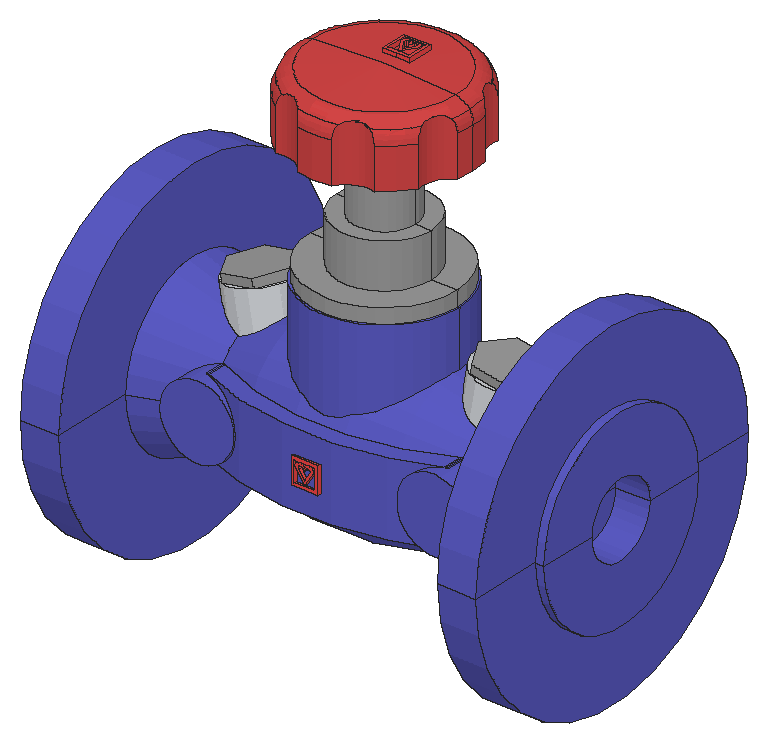
Revit family "Запорный клапан 4218 AGF", category Rohrzubehör, Revit 2019
Family settings
  Bemaßung runder Anschluss = Durchmesser verwenden
  Teiletyp = Unterbricht
  Arbeitsebenenbasiert = Nein
  Immer vertikal = Ja
  Beim Laden mit Abzugskörper schneiden = Nein
  Gemeinsam genutzt = Nein
Parameters
  w = 10.00°  # constant formula
  PN = 16  # constant formula
  Макс. рабочая температура до DN32 = 130 °C  # constant formula
  Макс. рабочая температура с DN40 = 110 °C  # constant formula
  Макс. рабочее давление = 1600000.0 Pa  # constant formula
  m2 [instance] = size_lookup("4218_AGF", "m2", 22.00 mm, Nennweite)  # 11.00 mm
  m1 [instance] = 27.59 mm  # constant formula
  d1 [instance] = size_lookup("4218_AGF", "d1", 25.00 mm, Nennweite)  # 25.00 mm
  Букса для клапана = "Латунь"  # constant formula
  Корпус = "Серый чугун GJL 250 в соответствии с EN 1561"  # constant formula
  URL = "www.herz-armaturen.ru"
  SCRNSEQ = "ARM;ARM_TYP=\"ABSV\";2"
  SCRNCODE = "05;11;2"  # constant formula
  R05 [instance] = size_lookup("4218_AGF", "R05", 45.00 mm, Nennweite)  # 45.00 mm
  R04 [instance] = size_lookup("4218_AGF", "R04", 25.50 mm, Nennweite)  # 25.50 mm
  R03 [instance] = size_lookup("4218_AGF", "R03", 30.00 mm, Nennweite)  # 30.00 mm
  R02 [instance] = size_lookup("4218_AGF", "R02", 21.15 mm, Nennweite)  # 21.15 mm
  R01 [instance] = size_lookup("4218_AGF", "R01", 29.50 mm, Nennweite)  # 29.50 mm
  O-Ringe = "EPDM"  # constant formula
  Nennweite [instance] = 25.00 mm
  Среда = "Качество теплоносителя в соответствии с ÖNORM H5195 и/или предписаниями VDI 2035.\r\nРазрешается использование смеси этилен или пропиленгликоля в соотношении 25-50% с водой."
  Lk [instance] = size_lookup("4218_AGF", "Lk", 32.50 mm, Nennweite)  # 32.50 mm
  L05 [instance] = 34.16 mm  # constant formula
  L04 [instance] = size_lookup("4218_AGF", "L04", 40.00 mm, Nennweite)  # 40.00 mm
  L03 [instance] = size_lookup("4218_AGF", "L03", 42.00 mm, Nennweite)  # 42.00 mm
  L02 [instance] = size_lookup("4218_AGF", "L02", 3.00 mm, Nennweite)  # 3.00 mm
  L01 [instance] = size_lookup("4218_AGF", "L01", 13.00 mm, Nennweite)  # 13.00 mm
  L [instance] = size_lookup("4218_AGF", "L", 160.00 mm, Nennweite)  # 160.00 mm
  Hersteller = "HERZ-Armaturen Ges.m.b.H"  # constant formula
  Dfl [instance] = size_lookup("4218_AGF", "Dfl", 57.50 mm, Nennweite)  # 57.50 mm
  DN80 [instance] = Nennweite = 80.00 mm  # no
  DN65-80 [instance] = or(Nennweite = 65.00 mm, Nennweite = 80.00 mm)  # no
  DN65 [instance] = Nennweite = 65.00 mm  # no
  DN50-80 [instance] = or(Nennweite = 50.00 mm, Nennweite = 65.00 mm, Nennweite = 80.00 mm)  # no
  DN50 [instance] = Nennweite = 50.00 mm  # no
  DN40 [instance] = Nennweite = 40.00 mm  # no
  DN32 [instance] = Nennweite = 32.00 mm  # no
  DN32-40 [instance] = or(Nennweite = 32.00 mm, Nennweite = 40.00 mm)  # no
  DN25-40 [instance] = or(Nennweite = 25.00 mm, Nennweite = 32.00 mm, Nennweite = 40.00 mm)  # yes
  DN25 [instance] = Nennweite = 25.00 mm  # yes
  D [instance] = size_lookup("4218_AGF", "D", 12.50 mm, Nennweite)  # 12.50 mm
  Номер заказа [instance] = size_lookup("4218_AGF", "Artnr", 0, Nennweite)  # 1421853
  B [instance] = size_lookup("4218_AGF", "B", 58.00 mm, Nennweite)  # 58.00 mm
  Область применения = "Для гидравлической балансировки в системах отопления или холодоснабжения, регулирования и перекрытия трубопроводов, стояков, теплообменников, регистров отопления и охлаждения."
Reference planes
  plane 1 "Mitte (Vorne/hinten)": y = 0
  plane 2: z = 0
  plane 3 "Mitte (Links/rechts)": x = 0
Forms (mm)
  Revolve 1, solid, material "Herz-Marineblau", detail levels fine
    sketch origin (1065, 0, 0) x (1, 0, 0) y (0, 1, 0)
      loop
        line (-1142, 57.5) -> (-1142, 32.5) -> (-1145, 32.5) -> (-1145, 12.5) -> (-1135, 12.5) -> (-1135, 0) -> (-997, 0) -> (-997, 12.5) -> (-985, 12.5) -> (-985, 32.5) -> (-988, 32.5) -> (-988, 57.5) -> (-1001, 57.5) -> (-1001, 29.5) -> (-1024.25, 21.15)
        arc (-1024.25, 21.15) -> (-1065, 30) -> (-1105.75, 21.15) r 98.242
        line (-1105.75, 21.15) -> (-1129, 29.5) -> (-1129, 57.5) -> (-1142, 57.5)
      axis (-985, 0) -> (-1145, 0)
    angle from 0 to 360
  Extrusion 2, solid, material "Herz-Marineblau", visible <- "DN25", detail levels fine
    sketch origin (0, 0, 0) x (1, 0, 0) y (0, 1, 0)
      loop
        arc (-40.75, -24.228) -> (0.085, -32.958) -> (40.917, -24.217) r 99.801
        line (40.917, -24.217) -> (40.917, 24.217)
        arc (40.917, 24.217) -> (0.085, 32.958) -> (-40.75, 24.228) r 99.801
        line (-40.75, 24.228) -> (-40.75, -24.228)
    from -12.5 to 12.5
  Extrusion 3, solid, material "Herz-Marineblau"
    sketch origin (0, 0, 0) x (1, 0, 0) y (0, 0, 1)
      loop
        circle (-40, 0) r 12.5
      loop
        circle (40, 0) r 12.5
    from -29 to 29
  Revolve 4, solid, visible <- "DN25"
    sketch origin (0, 0, 0) x (1, 0, 0) y (0, 0, 1)
      loop
        line (-42.018, 32) -> (-37.406, 5.845) -> (-26.573, 7.755) -> (-31.185, 33.91) -> (-42.018, 32)
      axis (-42.018, 32) -> (-37.406, 5.845)
    angle from 0 to 360
  Revolve 5, solid, visible <- "DN25"
    sketch origin (0, 0, 0) x (-1, 0, 0) y (0, 0, 1)
      loop
        line (-42.018, 32) -> (-37.406, 5.845) -> (-26.573, 7.755) -> (-31.185, 33.91) -> (-42.018, 32)
      axis (-42.018, 32) -> (-37.406, 5.845)
    angle from 0 to 360
  Revolve 6, solid, visible <- "DN32"
    sketch origin (-6, 0, 0) x (1, 0, 0) y (0, 0, 1)
      loop
        line (-42.018, 32) -> (-37.406, 5.845) -> (-26.573, 7.755) -> (-31.185, 33.91) -> (-42.018, 32)
      axis (-42.018, 32) -> (-37.406, 5.845)
    angle from 0 to 360
  Revolve 7, solid, visible <- "DN32"
    sketch origin (6, 0, 0) x (-1, 0, 0) y (0, 0, 1)
      loop
        line (-42.018, 32) -> (-37.406, 5.845) -> (-26.573, 7.755) -> (-31.185, 33.91) -> (-42.018, 32)
      axis (-42.018, 32) -> (-37.406, 5.845)
    angle from 0 to 360
  Revolve 8, solid, visible <- "DN40"
    sketch origin (-10, 0, 6) x (1, 0, 0) y (0, 0, 1)
      loop
        line (-42.018, 32) -> (-37.406, 5.845) -> (-26.573, 7.755) -> (-31.185, 33.91) -> (-42.018, 32)
      axis (-42.018, 32) -> (-37.406, 5.845)
    angle from 0 to 360
  Revolve 9, solid, visible <- "DN40"
    sketch origin (10, 0, 6) x (-1, 0, 0) y (0, 0, 1)
      loop
        line (-42.018, 32) -> (-37.406, 5.845) -> (-26.573, 7.755) -> (-31.185, 33.91) -> (-42.018, 32)
      axis (-42.018, 32) -> (-37.406, 5.845)
    angle from 0 to 360
  Revolve 10, solid, visible <- "DN50"
    sketch origin (-23, 0, 16) x (1, 0, 0) y (0, 0, 1)
      loop
        line (-42.018, 32) -> (-37.406, 5.845) -> (-26.573, 7.755) -> (-31.185, 33.91) -> (-42.018, 32)
      axis (-42.018, 32) -> (-37.406, 5.845)
    angle from 0 to 360
  Revolve 11, solid, visible <- "DN50"
    sketch origin (23, 0, 16) x (-1, 0, 0) y (0, 0, 1)
      loop
        line (-42.018, 32) -> (-37.406, 5.845) -> (-26.573, 7.755) -> (-31.185, 33.91) -> (-42.018, 32)
      axis (-42.018, 32) -> (-37.406, 5.845)
    angle from 0 to 360
  Revolve 12, solid, visible <- "DN65"
    sketch origin (-35, 0, 28) x (1, 0, 0) y (0, 0, 1)
      loop
        line (-42.018, 32) -> (-34.219, -12.231) -> (-18.954, -9.539) -> (-26.753, 34.692) -> (-42.018, 32)
      axis (-42.018, 32) -> (-34.219, -12.231)
    angle from 0 to 360
  Revolve 13, solid, visible <- "DN65"
    sketch origin (35, 0, 28) x (-1, 0, 0) y (0, 0, 1)
      loop
        line (-42.018, 32) -> (-34.219, -12.231) -> (-18.954, -9.539) -> (-26.753, 34.692) -> (-42.018, 32)
      axis (-42.018, 32) -> (-34.219, -12.231)
    angle from 0 to 360
  Revolve 14, solid, visible <- "DN80"
    sketch origin (-43, 0, 33) x (1, 0, 0) y (0, 0, 1)
      loop
        line (-42.018, 32) -> (-34.219, -12.231) -> (-18.954, -9.539) -> (-26.753, 34.692) -> (-42.018, 32)
      axis (-42.018, 32) -> (-34.219, -12.231)
    angle from 0 to 360
  Revolve 15, solid, visible <- "DN80"
    sketch origin (43, 0, 33) x (-1, 0, 0) y (0, 0, 1)
      loop
        line (-42.018, 32) -> (-34.219, -12.231) -> (-18.954, -9.539) -> (-26.753, 34.692) -> (-42.018, 32)
      axis (-42.018, 32) -> (-34.219, -12.231)
    angle from 0 to 360
  Revolve 16, solid, material "Herz-Marineblau"
    sketch origin (0, 0, 0) x (1, 0, 0) y (0, 0, 1)
      loop
        line (-0.018, 0) -> (25.5, 0) -> (25.5, 45) -> (-0.018, 45) -> (-0.018, 0)
      axis (-0.018, 45) -> (-0.018, 0)
    angle from 0 to 360
  Extrusion 17, solid, material "Herz-Marineblau", visible <- "DN32", detail levels fine
    sketch origin (0, 5, 0) x (1, 0, 0) y (0, 1, 0)
      loop
        arc (-50, -30.504) -> (0, -44.033) -> (50, -30.504) r 99.158
        line (50, -30.504) -> (50, 20.504)
        arc (50, 20.504) -> (0, 34.033) -> (-50, 20.504) r 99.158
        line (-50, 20.504) -> (-50, -30.504)
    from -12.5 to 12.5
  Extrusion 18, solid, material "Herz-Marineblau", visible <- "DN40", detail levels fine
    sketch origin (0, 7.139, 0) x (1, 0, 0) y (0, 1, 0)
      loop
        arc (-58.75, -37.243) -> (-0.086, -48.157) -> (58.607, -37.396) r 164.275
        line (58.607, -37.396) -> (58.607, 23.118)
        arc (58.607, 23.118) -> (-0.086, 33.878) -> (-58.75, 22.964) r 164.275
        line (-58.75, 22.964) -> (-58.75, -37.243)
    from -12.5 to 12.5
  Extrusion 19, solid, material "Herz-Marineblau", visible <- "DN50", detail levels fine
    sketch origin (0, 12.139, 0) x (1, 0, 0) y (0, 1, 0)
      loop
        arc (-70, -51.365) -> (-0.006, -58.136) -> (70, -51.487) r 368.507
        line (70, -51.487) -> (70, 27.208)
        arc (70, 27.208) -> (-0.006, 33.857) -> (-70, 27.086) r 368.507
        line (-70, 27.086) -> (-70, -51.365)
    from -12.5 to 12.5
  Extrusion 20, solid, material "Herz-Marineblau", visible <- "DN65", detail levels fine
    sketch origin (0, 17.139, 0) x (1, 0, 0) y (0, 1, 0)
      loop
        line (-89.879, 31.045) -> (-89.879, -65.324)
        arc (-89.879, -65.324) -> (0.112, -71.41) -> (90.111, -65.45) r 675.309
        line (90.111, -65.45) -> (90.111, 31.171)
        arc (90.111, 31.171) -> (0.112, 37.132) -> (-89.879, 31.045) r 675.309
    from -12.5 to 12.5
  Extrusion 21, solid, material "Herz-Marineblau", visible <- "DN80", detail levels fine
    sketch origin (0, 23.908, 0) x (1, 0, 0) y (0, 1, 0)
      loop
        line (-95.924, 29.668) -> (-95.924, -77.484)
        arc (-95.924, -77.484) -> (1.171, -81.507) -> (98.253, -77.179) r 1130.914
        line (98.253, -77.179) -> (98.253, 29.363)
        arc (98.253, 29.363) -> (1.171, 33.69) -> (-95.924, 29.668) r 1130.914
    from -12.5 to 12.5
  Revolve 22, solid, material "Messing, weicher Gelbton, geschweißt", visible <- "DN25"
    sketch origin (0, 0, 0) x (1, 0, 0) y (0, 0, 1)
      loop
        line (-15.927, 65) -> (-15.927, 50) -> (-24.821, 50) -> (-24.821, 45) -> (-0.018, 45) -> (-0.018, 87.982) -> (-7.018, 87.982) -> (-10.561, 84.439) -> (-10.561, 65) -> (-15.927, 65)
      axis (-0.018, 87.982) -> (-0.018, 45)
    angle from 0 to 360
  Revolve 23, solid, material "Messing, weicher Gelbton, geschweißt", visible <- "DN32-40"
    sketch origin (0, 0, 5) x (1, 0, 0) y (0, 0, 1)
      loop
        line (-15.927, 65) -> (-15.927, 50) -> (-24.821, 50) -> (-24.821, 45) -> (-0.018, 45) -> (-0.018, 82.982) -> (-7.018, 82.982) -> (-10.561, 79.439) -> (-10.561, 65) -> (-15.927, 65)
      axis (-0.018, 82.982) -> (-0.018, 45)
    angle from 0 to 360
  Revolve 24, solid, material "Messing, weicher Gelbton, geschweißt", visible <- "DN50"
    sketch origin (0, 0, 0) x (1, 0, 0) y (0, 0, 1)
      loop
        line (-30.605, 80.5) -> (-30.605, 65.5) -> (-39.5, 65.5) -> (-39.5, 60.5) -> (0, 60.5) -> (0, 103) -> (-17.179, 103) -> (-25.239, 94.939) -> (-25.239, 80.5) -> (-30.605, 80.5)
      axis (0, 103) -> (0, 60.5)
    angle from 0 to 360
  Revolve 25, solid, material "Messing, weicher Gelbton, geschweißt", visible <- "DN65-80"
    sketch origin (0, 0, 7.5) x (1, 0, 0) y (0, 0, 1)
      loop
        line (-30.605, 80.5) -> (-30.605, 65.5) -> (-39.5, 65.5) -> (-39.5, 60.5) -> (0, 60.5) -> (0, 95.5) -> (-17.179, 95.5) -> (-25.239, 87.439) -> (-25.239, 80.5) -> (-30.605, 80.5)
      axis (0, 95.5) -> (0, 60.5)
    angle from 0 to 360
  Extrusion 26, solid, material "Messing, weicher Gelbton, geschweißt", visible <- "DN25"
    sketch origin (0.537, 0, 6.073) x (0.984808, 0, 0.173648) y (0, 1, 0)
      loop
        line (-26.573, 0) -> (-31.989, 9.382) -> (-42.822, 9.382) -> (-48.239, 0) -> (-42.822, -9.382) -> (-31.989, -9.382) -> (-26.573, 0)
    from 32.922 to 35.92
  Extrusion 27, solid, material "Messing, weicher Gelbton, geschweißt", visible <- "DN40"
    sketch origin (-9.463, 0, 12.073) x (0.984808, 0, 0.173648) y (0, 1, 0)
      loop
        line (-26.573, 0) -> (-31.989, 9.382) -> (-42.822, 9.382) -> (-48.239, 0) -> (-42.822, -9.382) -> (-31.989, -9.382) -> (-26.573, 0)
    from 32.922 to 35.92
  Extrusion 28, solid, material "Messing, weicher Gelbton, geschweißt", visible <- "DN50"
    sketch origin (-22.463, 0, 22.073) x (0.984808, 0, 0.173648) y (0, 1, 0)
      loop
        line (-26.573, 0) -> (-31.989, 9.382) -> (-42.822, 9.382) -> (-48.239, 0) -> (-42.822, -9.382) -> (-31.989, -9.382) -> (-26.573, 0)
    from 32.922 to 35.92
  Extrusion 29, solid, material "Messing, weicher Gelbton, geschweißt", visible <- "DN80"
    sketch origin (-40.926, 0, 36.434) x (0.984808, 0, 0.173648) y (0, 1, 0)
      loop
        line (-24.656, 0) -> (-31.558, 11.956) -> (-45.364, 11.956) -> (-52.266, 0) -> (-45.364, -11.956) -> (-31.558, -11.956) -> (-24.656, 0)
    from 35.788 to 38.79
  Extrusion 30, solid, material "Messing, weicher Gelbton, geschweißt", visible <- "DN32"
    sketch origin (-5.463, 0, 6.073) x (0.984808, 0, 0.173648) y (0, 1, 0)
      loop
        line (-26.573, 0) -> (-31.989, 9.382) -> (-42.822, 9.382) -> (-48.239, 0) -> (-42.822, -9.382) -> (-31.989, -9.382) -> (-26.573, 0)
    from 32.922 to 35.92
  Extrusion 31, solid, material "Messing, weicher Gelbton, geschweißt", visible <- "DN25"
    sketch origin (-0.537, 0, 6.073) x (-0.984808, 0, 0.173648) y (0, -1, 0)
      loop
        line (-26.573, 0) -> (-31.989, 9.382) -> (-42.822, 9.382) -> (-48.239, 0) -> (-42.822, -9.382) -> (-31.989, -9.382) -> (-26.573, 0)
    from 32.922 to 35.92
  Extrusion 32, solid, material "Messing, weicher Gelbton, geschweißt", visible <- "DN40"
    sketch origin (9.463, 0, 12.073) x (-0.984808, 0, 0.173648) y (0, -1, 0)
      loop
        line (-26.573, 0) -> (-31.989, 9.382) -> (-42.822, 9.382) -> (-48.239, 0) -> (-42.822, -9.382) -> (-31.989, -9.382) -> (-26.573, 0)
    from 32.922 to 35.92
  Extrusion 33, solid, material "Messing, weicher Gelbton, geschweißt", visible <- "DN50"
    sketch origin (22.463, 0, 22.073) x (-0.984808, 0, 0.173648) y (0, -1, 0)
      loop
        line (-26.573, 0) -> (-31.989, 9.382) -> (-42.822, 9.382) -> (-48.239, 0) -> (-42.822, -9.382) -> (-31.989, -9.382) -> (-26.573, 0)
    from 32.922 to 35.92
  Extrusion 34, solid, material "Messing, weicher Gelbton, geschweißt", visible <- "DN32"
    sketch origin (5.463, 0, 6.073) x (-0.984808, 0, 0.173648) y (0, -1, 0)
      loop
        line (-26.573, 0) -> (-31.989, 9.382) -> (-42.822, 9.382) -> (-48.239, 0) -> (-42.822, -9.382) -> (-31.989, -9.382) -> (-26.573, 0)
    from 32.922 to 35.92
  Extrusion 35, solid, material "Messing, weicher Gelbton, geschweißt", visible <- "DN65"
    sketch origin (-32.926, 0, 31.434) x (0.984808, 0, 0.173648) y (0, 1, 0)
      loop
        line (-24.656, 0) -> (-31.558, 11.956) -> (-45.364, 11.956) -> (-52.266, 0) -> (-45.364, -11.956) -> (-31.558, -11.956) -> (-24.656, 0)
    from 35.788 to 38.79
  Extrusion 36, solid, material "Messing, weicher Gelbton, geschweißt", visible <- "DN80"
    sketch origin (40.926, 0, 36.434) x (-0.984808, 0, 0.173648) y (0, -1, 0)
      loop
        line (-24.656, 0) -> (-31.558, 11.956) -> (-45.364, 11.956) -> (-52.266, 0) -> (-45.364, -11.956) -> (-31.558, -11.956) -> (-24.656, 0)
    from 35.788 to 38.79
  Extrusion 37, solid, material "Messing, weicher Gelbton, geschweißt", visible <- "DN65"
    sketch origin (32.926, 0, 31.434) x (-0.984808, 0, 0.173648) y (0, -1, 0)
      loop
        line (-24.656, 0) -> (-31.558, 11.956) -> (-45.364, 11.956) -> (-52.266, 0) -> (-45.364, -11.956) -> (-31.558, -11.956) -> (-24.656, 0)
    from 35.788 to 38.79
Lines and regions (mm)
  model lines
    curve 1: line (-42.018, 0, 0) -> (-42.018, 0, 32)
    curve 2: line (-0.018, 0, 0) -> (-48.018, 0, 0)
    curve 3: line (-48.018, 0, 0) -> (-48.018, 0, 32)
    curve 4: line (-0.018, 0, 0) -> (-52.018, 0, 0)
    curve 5: line (-52.018, 0, 0) -> (-52.018, 0, 38)
    curve 6: line (-0.018, 0, 0) -> (-65.018, 0, 0)
    curve 7: line (-65.018, 0, 0) -> (-65.018, 0, 48)
    curve 8: line (-0.018, 0, 0) -> (-77.018, 0, 0)
    curve 9: line (-77.018, 0, 0) -> (-77.018, 0, 60)
    curve 10: line (-0.018, 0, 0) -> (-85.018, 0, 0)
    curve 11: line (-100.282, 0, 0) -> (-69.753, 0, 0)
    curve 12: line (-92.474, 0, 0) -> (-61.753, 0, 0)
Dimensions and locks
  "Dfl": plane 1 "Mitte (Vorne/hinten)" to Revolve 1 sketch curve
  "Lk": plane 1 "Mitte (Vorne/hinten)" to Revolve 1 sketch curve
  "D": plane 1 "Mitte (Vorne/hinten)" to Revolve 1 sketch curve
  "L": Revolve 1 sketch curve to Revolve 1 sketch curve
  "L01": Revolve 1 sketch curve to Revolve 1 sketch curve  (x2)
  "L02": Revolve 1 sketch curve to Revolve 1 sketch curve  (x2)
  equal spacing: Revolve 1 sketch curve, plane 3 "Mitte (Links/rechts)", Revolve 1 sketch curve  (x2)
  "L04": plane 3 "Mitte (Links/rechts)" to Extrusion 3 sketch curve
  "L04": Extrusion 3 sketch curve to plane 3 "Mitte (Links/rechts)"
  "B": Extrusion 3 to Extrusion 3
  equal spacing: Extrusion 3, plane 1 "Mitte (Vorne/hinten)", Extrusion 3
  "D": Revolve 1 sketch curve to plane 1 "Mitte (Vorne/hinten)"
  "Lk": Revolve 1 sketch curve to plane 1 "Mitte (Vorne/hinten)"
  "Dfl": Revolve 1 sketch curve to plane 1 "Mitte (Vorne/hinten)"
  "R02": plane 1 "Mitte (Vorne/hinten)" to Revolve 1 sketch curve  (x2)
  "R01": plane 1 "Mitte (Vorne/hinten)" to Revolve 1 sketch curve  (x2)
  "R03": plane 1 "Mitte (Vorne/hinten)" to Revolve 1 sketch curve
  Revolve 4 sketch curve to Revolve 4 sketch curve = 11.00 mm
  Revolve 4 sketch curve to Revolve 4 sketch curve = 26.559 mm
  Revolve 5 sketch curve to Revolve 5 sketch curve = 11.00 mm
  Revolve 5 sketch curve to Revolve 5 sketch curve = 26.559 mm
  Revolve 6 sketch curve to Revolve 6 sketch curve = 11.00 mm
  Revolve 6 sketch curve to Revolve 6 sketch curve = 26.559 mm
  Revolve 7 sketch curve to Revolve 7 sketch curve = 11.00 mm
  Revolve 7 sketch curve to Revolve 7 sketch curve = 26.559 mm
  Revolve 8 sketch curve to Revolve 8 sketch curve = 11.00 mm
  Revolve 8 sketch curve to Revolve 8 sketch curve = 26.559 mm
  Revolve 9 sketch curve to Revolve 9 sketch curve = 11.00 mm
  Revolve 9 sketch curve to Revolve 9 sketch curve = 26.559 mm
  Revolve 10 sketch curve to Revolve 10 sketch curve = 11.00 mm
  Revolve 10 sketch curve to Revolve 10 sketch curve = 26.559 mm
  Revolve 11 sketch curve to Revolve 11 sketch curve = 11.00 mm
  Revolve 11 sketch curve to Revolve 11 sketch curve = 26.559 mm
  Revolve 12 sketch curve to Revolve 12 sketch curve = 15.50 mm
  Revolve 12 sketch curve to Revolve 12 sketch curve = 44.913 mm
  Revolve 13 sketch curve to Revolve 13 sketch curve = 15.50 mm
  Revolve 13 sketch curve to Revolve 13 sketch curve = 44.913 mm
  Revolve 14 sketch curve to Revolve 14 sketch curve = 15.50 mm
  Revolve 14 sketch curve to Revolve 14 sketch curve = 44.913 mm
  Revolve 15 sketch curve to Revolve 15 sketch curve = 15.50 mm
  Revolve 15 sketch curve to Revolve 15 sketch curve = 44.913 mm
  "R05": Revolve 16 sketch curve to plane 2
  "R04": plane 3 "Mitte (Links/rechts)" to Revolve 16 sketch curve
  nested 5 to plane 2 = 88.00 mm
  nested 7 to plane 2 = 103.00 mm
  "d1": diameter of Extrusion 3 sketch curve  (x2)
  aligned and locked: level to plane 2
Automatic sketch dimensions
  curve 10 to level = 0.00 mm
  curve 8 to level = 0.00 mm
  curve 5 to level = 0.00 mm
  curve 10 to plane 3 "Mitte (Links/rechts)" = 85.018 mm
  curve 10 to curve 8 = 8.00 mm
  curve 8 to curve 7 = 12.00 mm
  curve 6 to curve 5 = 13.00 mm
  curve 4 to curve 2 = 4.00 mm
  curve 4 to plane 3 "Mitte (Links/rechts)" = 0.018 mm
  curve 6 to curve 2 = 0.00 mm
  curve 3 to curve 1 = 6.00 mm
  curve 10 to curve 2 = 0.00 mm
  level to curve 3 = 32.00 mm
  curve 1 to curve 3 = 0.00 mm
  curve 3 to curve 5 = 6.00 mm
  curve 5 to curve 7 = 10.00 mm
  curve 7 to curve 9 = 12.00 mm
  plane 1 "Mitte (Vorne/hinten)" to curve 11 = 0.00 mm
  plane 1 "Mitte (Vorne/hinten)" to curve 12 = 0.00 mm
  curve 11 to plane 3 "Mitte (Links/rechts)" = 100.282 mm
  curve 11 to curve 12 = 7.808 mm
  curve 12 to curve 11 = 22.721 mm
  curve 11 to curve 12 = 8.00 mm
  Extrusion 2 sketch curve to plane 3 "Mitte (Links/rechts)" = 40.75 mm
  plane 3 "Mitte (Links/rechts)" to Extrusion 2 sketch curve = 0.071 mm  (x2)
  plane 1 "Mitte (Vorne/hinten)" to Extrusion 2 sketch curve = 24.217 mm
  plane 3 "Mitte (Links/rechts)" to Extrusion 2 sketch curve = 40.917 mm
  plane 1 "Mitte (Vorne/hinten)" to Extrusion 2 sketch curve = 24.228 mm
  Extrusion 2 sketch curve to Extrusion 2 sketch curve = 42.614 mm
  Extrusion 2 sketch curve to plane 1 "Mitte (Vorne/hinten)" = 24.217 mm
  Revolve 4 sketch curve to plane 3 "Mitte (Links/rechts)" = 42.018 mm
  level to Revolve 4 sketch curve = 5.845 mm  (x2)
  Revolve 4 sketch curve to Revolve 4 sketch curve = 4.612 mm
  Revolve 4 sketch curve to Revolve 4 sketch curve = 10.833 mm
  level to Revolve 4 sketch curve = 32.00 mm
  Revolve 5 sketch curve to plane 3 "Mitte (Links/rechts)" = 42.018 mm
  Revolve 5 sketch curve to level = 5.845 mm  (x2)
  Revolve 5 sketch curve to Revolve 5 sketch curve = 4.612 mm
  Revolve 5 sketch curve to Revolve 5 sketch curve = 10.833 mm
  Revolve 5 sketch curve to level = 32.00 mm
  Revolve 6 sketch curve to plane 3 "Mitte (Links/rechts)" = 48.018 mm
  level to Revolve 6 sketch curve = 5.845 mm  (x2)
  Revolve 6 sketch curve to Revolve 6 sketch curve = 4.612 mm
  level to Revolve 6 sketch curve = 33.91 mm
  level to Revolve 6 sketch curve = 32.00 mm
  Revolve 7 sketch curve to plane 3 "Mitte (Links/rechts)" = 48.018 mm
  Revolve 7 sketch curve to level = 5.845 mm  (x2)
  Revolve 7 sketch curve to Revolve 7 sketch curve = 4.612 mm
  Revolve 7 sketch curve to level = 33.91 mm
  Revolve 7 sketch curve to level = 32.00 mm
  Revolve 8 sketch curve to plane 3 "Mitte (Links/rechts)" = 52.018 mm
  level to Revolve 8 sketch curve = 11.845 mm  (x2)
  Revolve 8 sketch curve to Revolve 8 sketch curve = 4.612 mm
  level to Revolve 8 sketch curve = 39.91 mm
  level to Revolve 8 sketch curve = 38.00 mm
  Revolve 9 sketch curve to plane 3 "Mitte (Links/rechts)" = 52.018 mm
  Revolve 9 sketch curve to level = 11.845 mm  (x2)
  Revolve 9 sketch curve to Revolve 9 sketch curve = 4.612 mm
  Revolve 9 sketch curve to level = 39.91 mm
  Revolve 9 sketch curve to level = 38.00 mm
  Revolve 10 sketch curve to plane 3 "Mitte (Links/rechts)" = 65.018 mm
  level to Revolve 10 sketch curve = 21.845 mm  (x2)
  Revolve 10 sketch curve to Revolve 10 sketch curve = 4.612 mm
  level to Revolve 10 sketch curve = 49.91 mm
  level to Revolve 10 sketch curve = 48.00 mm
  Revolve 11 sketch curve to plane 3 "Mitte (Links/rechts)" = 65.018 mm
  Revolve 11 sketch curve to level = 21.845 mm  (x2)
  Revolve 11 sketch curve to Revolve 11 sketch curve = 4.612 mm
  Revolve 11 sketch curve to level = 49.91 mm
  Revolve 11 sketch curve to level = 48.00 mm
  Revolve 12 sketch curve to plane 3 "Mitte (Links/rechts)" = 77.018 mm
  level to Revolve 12 sketch curve = 15.769 mm
  Revolve 12 sketch curve to Revolve 12 sketch curve = 7.799 mm
  Revolve 12 sketch curve to Revolve 12 sketch curve = 15.265 mm
  level to Revolve 12 sketch curve = 60.00 mm
  level to Revolve 12 sketch curve = 33.845 mm
  Revolve 13 sketch curve to plane 3 "Mitte (Links/rechts)" = 77.018 mm
  Revolve 13 sketch curve to level = 15.769 mm
  Revolve 13 sketch curve to Revolve 13 sketch curve = 7.799 mm
  Revolve 13 sketch curve to Revolve 13 sketch curve = 15.265 mm
  Revolve 13 sketch curve to level = 60.00 mm
  Revolve 13 sketch curve to level = 33.845 mm
  Revolve 14 sketch curve to plane 3 "Mitte (Links/rechts)" = 85.018 mm
  level to Revolve 14 sketch curve = 20.769 mm
  Revolve 14 sketch curve to Revolve 14 sketch curve = 7.799 mm
  level to Revolve 14 sketch curve = 67.692 mm
  level to Revolve 14 sketch curve = 65.00 mm
  level to Revolve 14 sketch curve = 38.845 mm
  Revolve 15 sketch curve to plane 3 "Mitte (Links/rechts)" = 85.018 mm
  Revolve 15 sketch curve to level = 20.769 mm
  Revolve 15 sketch curve to Revolve 15 sketch curve = 7.799 mm
  Revolve 15 sketch curve to level = 67.692 mm
  Revolve 15 sketch curve to level = 65.00 mm
  Revolve 15 sketch curve to level = 38.845 mm
  Extrusion 17 sketch curve to plane 3 "Mitte (Links/rechts)" = 0.00 mm  (x2)
  Extrusion 17 sketch curve to plane 1 "Mitte (Vorne/hinten)" = 25.504 mm
  Extrusion 17 sketch curve to plane 3 "Mitte (Links/rechts)" = 50.00 mm
  plane 1 "Mitte (Vorne/hinten)" to Extrusion 17 sketch curve = 25.504 mm
  plane 3 "Mitte (Links/rechts)" to Extrusion 17 sketch curve = 50.00 mm
  plane 1 "Mitte (Vorne/hinten)" to Extrusion 17 sketch curve = 60.125 mm
  Extrusion 17 sketch curve to plane 1 "Mitte (Vorne/hinten)" = 60.125 mm
  Extrusion 18 sketch curve to plane 3 "Mitte (Links/rechts)" = 58.75 mm
  plane 3 "Mitte (Links/rechts)" to Extrusion 18 sketch curve = 0.129 mm  (x2)
  plane 1 "Mitte (Vorne/hinten)" to Extrusion 18 sketch curve = 30.257 mm
  plane 3 "Mitte (Links/rechts)" to Extrusion 18 sketch curve = 58.607 mm
  Extrusion 18 sketch curve to Extrusion 18 sketch curve = 93.00 mm
  plane 1 "Mitte (Vorne/hinten)" to Extrusion 18 sketch curve = 30.103 mm
  Extrusion 18 sketch curve to plane 1 "Mitte (Vorne/hinten)" = 30.103 mm
  Extrusion 19 sketch curve to plane 3 "Mitte (Links/rechts)" = 70.00 mm
  plane 3 "Mitte (Links/rechts)" to Extrusion 19 sketch curve = 0.315 mm  (x2)
  plane 1 "Mitte (Vorne/hinten)" to Extrusion 19 sketch curve = 39.348 mm
  plane 3 "Mitte (Links/rechts)" to Extrusion 19 sketch curve = 70.00 mm
  Extrusion 19 sketch curve to Extrusion 19 sketch curve = 283.163 mm
  plane 1 "Mitte (Vorne/hinten)" to Extrusion 19 sketch curve = 39.226 mm
  Extrusion 19 sketch curve to plane 1 "Mitte (Vorne/hinten)" = 39.226 mm
  Extrusion 20 sketch curve to plane 3 "Mitte (Links/rechts)" = 89.879 mm
  plane 3 "Mitte (Links/rechts)" to Extrusion 20 sketch curve = 0.585 mm  (x2)
  plane 3 "Mitte (Links/rechts)" to Extrusion 20 sketch curve = 90.111 mm
  plane 1 "Mitte (Vorne/hinten)" to Extrusion 20 sketch curve = 621.038 mm
  plane 1 "Mitte (Vorne/hinten)" to Extrusion 20 sketch curve = 48.311 mm
  plane 1 "Mitte (Vorne/hinten)" to Extrusion 20 sketch curve = 48.185 mm
  Extrusion 20 sketch curve to plane 1 "Mitte (Vorne/hinten)" = 48.185 mm
  Extrusion 21 sketch curve to plane 3 "Mitte (Links/rechts)" = 95.924 mm
  Extrusion 21 sketch curve to plane 3 "Mitte (Links/rechts)" = 0.606 mm  (x2)
  plane 1 "Mitte (Vorne/hinten)" to Extrusion 21 sketch curve = 53.271 mm
  plane 3 "Mitte (Links/rechts)" to Extrusion 21 sketch curve = 98.253 mm
  plane 1 "Mitte (Vorne/hinten)" to Extrusion 21 sketch curve = 53.576 mm
  Extrusion 21 sketch curve to Extrusion 21 sketch curve = 1019.737 mm
  Extrusion 21 sketch curve to plane 1 "Mitte (Vorne/hinten)" = 53.271 mm
  Revolve 22 sketch curve to plane 3 "Mitte (Links/rechts)" = 24.821 mm
  Revolve 22 sketch curve to Revolve 22 sketch curve = 8.895 mm
  Revolve 22 sketch curve to Revolve 22 sketch curve = 5.366 mm
  Revolve 22 sketch curve to Revolve 22 sketch curve = 3.543 mm  (x2)
  Revolve 22 sketch curve to plane 3 "Mitte (Links/rechts)" = 0.018 mm
  level to Revolve 22 sketch curve = 45.00 mm
  Revolve 22 sketch curve to Revolve 22 sketch curve = 5.00 mm
  Revolve 22 sketch curve to Revolve 22 sketch curve = 15.00 mm
  Revolve 22 sketch curve to Revolve 22 sketch curve = 19.439 mm
  Revolve 22 sketch curve to Revolve 22 sketch curve = 0.00 mm  (x3)
  Revolve 23 sketch curve to plane 3 "Mitte (Links/rechts)" = 24.821 mm
  Revolve 23 sketch curve to Revolve 23 sketch curve = 8.895 mm
  Revolve 23 sketch curve to Revolve 23 sketch curve = 5.366 mm
  Revolve 23 sketch curve to Revolve 23 sketch curve = 3.543 mm  (x2)
  Revolve 23 sketch curve to plane 3 "Mitte (Links/rechts)" = 0.018 mm
  level to Revolve 23 sketch curve = 50.00 mm
  Revolve 23 sketch curve to Revolve 23 sketch curve = 5.00 mm  (x2)
  Revolve 23 sketch curve to Revolve 23 sketch curve = 15.00 mm
  Revolve 23 sketch curve to Revolve 23 sketch curve = 14.439 mm
  Revolve 23 sketch curve to Revolve 23 sketch curve = 0.00 mm  (x2)
  Revolve 24 sketch curve to plane 3 "Mitte (Links/rechts)" = 0.00 mm  (x2)
  Revolve 24 sketch curve to plane 3 "Mitte (Links/rechts)" = 17.179 mm
  Revolve 24 sketch curve to Revolve 24 sketch curve = 8.061 mm  (x2)
  Revolve 24 sketch curve to Revolve 24 sketch curve = 5.366 mm
  Revolve 24 sketch curve to Revolve 24 sketch curve = 8.895 mm
  level to Revolve 24 sketch curve = 60.50 mm
  Revolve 24 sketch curve to Revolve 24 sketch curve = 5.00 mm
  Revolve 24 sketch curve to Revolve 24 sketch curve = 15.00 mm
  Revolve 24 sketch curve to Revolve 24 sketch curve = 14.439 mm
  Revolve 24 sketch curve to Revolve 24 sketch curve = 0.00 mm  (x2)
  Revolve 25 sketch curve to plane 3 "Mitte (Links/rechts)" = 0.00 mm  (x2)
  Revolve 25 sketch curve to plane 3 "Mitte (Links/rechts)" = 17.179 mm
  Revolve 25 sketch curve to Revolve 25 sketch curve = 8.061 mm  (x2)
  Revolve 25 sketch curve to Revolve 25 sketch curve = 5.366 mm
  Revolve 25 sketch curve to Revolve 25 sketch curve = 8.895 mm
  level to Revolve 25 sketch curve = 68.00 mm
  Revolve 25 sketch curve to Revolve 25 sketch curve = 5.00 mm
  Revolve 25 sketch curve to Revolve 25 sketch curve = 15.00 mm
  Revolve 25 sketch curve to Revolve 25 sketch curve = 6.939 mm
  Revolve 25 sketch curve to Revolve 25 sketch curve = 0.00 mm
  Revolve 25 sketch curve to Revolve 25 sketch curve = 7.50 mm
  plane 1 "Mitte (Vorne/hinten)" to Extrusion 26 sketch curve = 0.00 mm  (x2)
  Extrusion 26 sketch curve to Extrusion 26 sketch curve = 5.416 mm  (x3)
  plane 1 "Mitte (Vorne/hinten)" to Extrusion 26 sketch curve = 9.382 mm
  Extrusion 26 sketch curve to Extrusion 26 sketch curve = 10.833 mm  (x2)
  Extrusion 26 sketch curve to plane 1 "Mitte (Vorne/hinten)" = 9.382 mm
  plane 1 "Mitte (Vorne/hinten)" to Extrusion 27 sketch curve = 0.00 mm  (x2)
  Extrusion 27 sketch curve to Extrusion 27 sketch curve = 5.416 mm  (x3)
  plane 1 "Mitte (Vorne/hinten)" to Extrusion 27 sketch curve = 9.382 mm
  Extrusion 27 sketch curve to Extrusion 27 sketch curve = 10.833 mm  (x2)
  Extrusion 27 sketch curve to plane 1 "Mitte (Vorne/hinten)" = 9.382 mm
  plane 1 "Mitte (Vorne/hinten)" to Extrusion 28 sketch curve = 0.00 mm  (x2)
  Extrusion 28 sketch curve to Extrusion 28 sketch curve = 5.416 mm  (x3)
  plane 1 "Mitte (Vorne/hinten)" to Extrusion 28 sketch curve = 9.382 mm
  Extrusion 28 sketch curve to Extrusion 28 sketch curve = 10.833 mm  (x2)
  Extrusion 28 sketch curve to plane 1 "Mitte (Vorne/hinten)" = 9.382 mm
  plane 1 "Mitte (Vorne/hinten)" to Extrusion 29 sketch curve = 0.00 mm  (x2)
  Extrusion 29 sketch curve to Extrusion 29 sketch curve = 6.903 mm  (x3)
  plane 1 "Mitte (Vorne/hinten)" to Extrusion 29 sketch curve = 11.956 mm
  Extrusion 29 sketch curve to Extrusion 29 sketch curve = 13.805 mm  (x2)
  Extrusion 29 sketch curve to plane 1 "Mitte (Vorne/hinten)" = 11.956 mm
  plane 1 "Mitte (Vorne/hinten)" to Extrusion 30 sketch curve = 0.00 mm  (x2)
  Extrusion 30 sketch curve to Extrusion 30 sketch curve = 5.416 mm  (x3)
  plane 1 "Mitte (Vorne/hinten)" to Extrusion 30 sketch curve = 9.382 mm
  Extrusion 30 sketch curve to Extrusion 30 sketch curve = 10.833 mm  (x2)
  Extrusion 30 sketch curve to plane 1 "Mitte (Vorne/hinten)" = 9.382 mm
  plane 1 "Mitte (Vorne/hinten)" to Extrusion 31 sketch curve = 0.00 mm  (x2)
  Extrusion 31 sketch curve to Extrusion 31 sketch curve = 5.416 mm  (x3)
  plane 1 "Mitte (Vorne/hinten)" to Extrusion 31 sketch curve = 9.382 mm
  Extrusion 31 sketch curve to Extrusion 31 sketch curve = 10.833 mm  (x2)
  Extrusion 31 sketch curve to plane 1 "Mitte (Vorne/hinten)" = 9.382 mm
  plane 1 "Mitte (Vorne/hinten)" to Extrusion 32 sketch curve = 0.00 mm  (x2)
  Extrusion 32 sketch curve to Extrusion 32 sketch curve = 5.416 mm  (x3)
  plane 1 "Mitte (Vorne/hinten)" to Extrusion 32 sketch curve = 9.382 mm
  Extrusion 32 sketch curve to Extrusion 32 sketch curve = 10.833 mm  (x2)
  Extrusion 32 sketch curve to plane 1 "Mitte (Vorne/hinten)" = 9.382 mm
  plane 1 "Mitte (Vorne/hinten)" to Extrusion 33 sketch curve = 0.00 mm  (x2)
  Extrusion 33 sketch curve to Extrusion 33 sketch curve = 5.416 mm  (x3)
  plane 1 "Mitte (Vorne/hinten)" to Extrusion 33 sketch curve = 9.382 mm
  Extrusion 33 sketch curve to Extrusion 33 sketch curve = 10.833 mm  (x2)
  Extrusion 33 sketch curve to plane 1 "Mitte (Vorne/hinten)" = 9.382 mm
  plane 1 "Mitte (Vorne/hinten)" to Extrusion 34 sketch curve = 0.00 mm  (x2)
  Extrusion 34 sketch curve to Extrusion 34 sketch curve = 5.416 mm  (x3)
  plane 1 "Mitte (Vorne/hinten)" to Extrusion 34 sketch curve = 9.382 mm
  Extrusion 34 sketch curve to Extrusion 34 sketch curve = 10.833 mm  (x2)
  Extrusion 34 sketch curve to plane 1 "Mitte (Vorne/hinten)" = 9.382 mm
  plane 1 "Mitte (Vorne/hinten)" to Extrusion 35 sketch curve = 0.00 mm  (x2)
  Extrusion 35 sketch curve to Extrusion 35 sketch curve = 6.903 mm  (x3)
  plane 1 "Mitte (Vorne/hinten)" to Extrusion 35 sketch curve = 11.956 mm
  Extrusion 35 sketch curve to Extrusion 35 sketch curve = 13.805 mm  (x2)
  Extrusion 35 sketch curve to plane 1 "Mitte (Vorne/hinten)" = 11.956 mm
  plane 1 "Mitte (Vorne/hinten)" to Extrusion 36 sketch curve = 0.00 mm  (x2)
  Extrusion 36 sketch curve to Extrusion 36 sketch curve = 6.903 mm  (x3)
  plane 1 "Mitte (Vorne/hinten)" to Extrusion 36 sketch curve = 11.956 mm
  Extrusion 36 sketch curve to Extrusion 36 sketch curve = 13.805 mm  (x2)
  Extrusion 36 sketch curve to plane 1 "Mitte (Vorne/hinten)" = 11.956 mm
  plane 1 "Mitte (Vorne/hinten)" to Extrusion 37 sketch curve = 0.00 mm  (x2)
  Extrusion 37 sketch curve to Extrusion 37 sketch curve = 6.903 mm  (x3)
  plane 1 "Mitte (Vorne/hinten)" to Extrusion 37 sketch curve = 11.956 mm
  Extrusion 37 sketch curve to Extrusion 37 sketch curve = 13.805 mm  (x2)
  Extrusion 37 sketch curve to plane 1 "Mitte (Vorne/hinten)" = 11.956 mm
  Revolve 1 sketch curve to plane 1 "Mitte (Vorne/hinten)" = 0.00 mm
  plane 1 "Mitte (Vorne/hinten)" to Revolve 1 sketch curve = 0.00 mm
  Revolve 1 sketch curve to Revolve 1 sketch curve = 10.00 mm
  Revolve 1 sketch curve to Revolve 1 sketch curve = 23.25 mm
  Revolve 1 sketch curve to Revolve 1 sketch curve = 12.00 mm
  Revolve 1 sketch curve to Revolve 1 sketch curve = 1920.00 mm  (x2)
  Extrusion 3 sketch curve to level = 0.00 mm  (x2)
  Revolve 16 sketch curve to level = 0.00 mm  (x2)
  Revolve 16 sketch curve to plane 3 "Mitte (Links/rechts)" = 0.018 mm
  Revolve 16 sketch curve to Revolve 16 sketch curve = 0.00 mm  (x2)
Nested families
  nested 1: "Herz-Logo-vorne" at (-0.018, -32.861, 0) x (0, 1, 0) z (0, 0, 1), visible <- "DN25", type "Herz-Logo-vorne", detail levels fine
  nested 2: "Herz-Logo-vorne" at (-0.018, -38.932, 0) x (0, 1, 0) z (0, 0, 1), visible <- "DN32", type "Herz-Logo-vorne", detail levels fine
  nested 3: "Herz-Logo-vorne" at (-0.018, -40.835, 0) x (0, 1, 0) z (0, 0, 1), visible <- "DN40", type "Herz-Logo-vorne", detail levels fine
  nested 4: "Herz-Logo-vorne" at (-0.018, -57.6, 0) x (0, 1, 0) z (0, 0, 1), visible <- "DN80", type "Herz-Logo-vorne", detail levels fine
  nested 5: "Strömax-Handrad" at (0, 0, 88), visible <- "DN25-40", type "Strömax-Handrad"
    with Nennweite 0.00 mm, Gewicht 0.00 kg, Bestellnummer 0
  nested 6: "Herz-Logo" at (0, 9.517, 109.445), visible <- "DN25-40", type "Herz-Logo"
  nested 7: "Strömax-Handrad-DN50-80" at (0, 0, 103), visible <- "DN50-80", type "Strömax-Handrad-DN50-80"
    with Nennweite 0.00 mm, Gewicht 0.00 kg, Bestellnummer 0
  nested 8: "Herz-Logo-vorne" at (0, -46.065, 0) x (0, 1, 0) z (0, 0, 1), visible <- "DN50", type "Herz-Logo-vorne", detail levels fine
  nested 9: "Herz-Logo-vorne" at (-0.018, -54.253, 0) x (0, 1, 0) z (0, 0, 1), visible <- "DN65", type "Herz-Logo-vorne", detail levels fine
Connectors
  piping at (-80, 0, 0), diameter 25, driven by "Nennweite"
    settings: on Revolve 1, index 1, connector inside diameter 609.6 mm, connector length 0.00 mm, flow factor 0, pipe flow 0.0 L/s, pressure drop 0.0 Pa, fitting loss kfactor 0, connector angle 0.00°, fixture units 0, engagement length 0.00 mm, angle of deflection 0.00°, flow configuration 0, flow direction 1, fitting loss method 0, system type 29, joint type 0, gender type 0, connector reference index -1, connector utility 0, adjustable connector no, is connector primary yes, connector description ""
  piping at (80, 0, 0), diameter 25, driven by "Nennweite"
    settings: on Revolve 1, index 2, connector inside diameter 609.6 mm, connector length 0.00 mm, flow factor 0, pipe flow 0.0 L/s, pressure drop 0.0 Pa, fitting loss kfactor 0, connector angle 0.00°, fixture units 0, engagement length 0.00 mm, angle of deflection 0.00°, flow configuration 0, flow direction 2, fitting loss method 0, system type 29, joint type 0, gender type 0, connector reference index -1, connector utility 0, adjustable connector no, is connector primary no, connector description ""
Definition of nested family "Herz-Logo-vorne"
  Reference planes
    plane 1 "Mitte (Vorne/hinten)": y = 0
    plane 2: z = 0
    plane 3 "Mitte (Links/rechts)": x = 0
  Forms (mm)
    Extrusion 1, solid
      sketch origin (0.732, -0.018, 0.017) x (0, -1, 0) y (0, 0, 1)
        loop
          line (-0.018, -4.517) -> (4.482, -4.517) -> (4.482, 4.483) -> (-4.518, 4.483) -> (-4.518, -4.517) -> (-0.018, -4.517)
        loop
          line (-0.05, -3.48) -> (3.482, -3.48) -> (3.482, 3.483) -> (-3.518, 3.483) -> (-3.518, -3.48) -> (-0.05, -3.48)
        loop
          arc (-0.018, 2.383) -> (-1.543, 3.287) -> (-3.067, 2.383) r 1.738
          arc (-3.067, 2.383) -> (-3.191, 1.899) -> (-3.067, 1.415) r 1.009
          line (-3.067, 1.415) -> (-0.018, -3.281) -> (3.032, 1.415)
          arc (3.032, 1.415) -> (3.156, 1.899) -> (3.032, 2.383) r 1.009
          arc (3.032, 2.383) -> (1.507, 3.287) -> (-0.018, 2.383) r 1.738
        loop
          arc (1.885, 1.272) -> (2.005, 1.675) -> (1.885, 2.079) r 0.74
          arc (1.885, 2.079) -> (1.265, 2.416) -> (0.644, 2.079) r 0.74
          line (0.644, 2.079) -> (-0.018, 0.97) -> (-0.679, 2.079)
          arc (-0.679, 2.079) -> (-1.3, 2.416) -> (-1.921, 2.079) r 0.74
          arc (-1.921, 2.079) -> (-2.04, 1.675) -> (-1.921, 1.272) r 0.74
          line (-1.921, 1.272) -> (-0.018, -1.658) -> (1.885, 1.272)
      from 0 to 1.5
  Dimensions and locks
    aligned and locked: level to plane 2
Definition of nested family "Strömax-Handrad"
  Parameters (values of type "Strömax-Handrad")
    URL = "www.herz-armaturen.at"
    Nennweite [instance] = 0.00 mm
    Manufacturer = "Herz Armaturen GmbH"  # constant formula
    Gewicht [instance] = 0.00 kg
    Bestellnummer [instance] = 0
  Reference planes
    plane 1 "Mitte (Vorne/hinten)": y = 0
    plane 2: z = 0
    plane 3 "Mitte (Links/rechts)": x = 0
  Forms (mm)
    Revolve 1, solid
      sketch origin (0, 0, 0) x (1, 0, 0) y (0, 0, 1)
        loop
          line (0, 0) -> (0, 22)
          arc (0, 22) -> (-12.15, 21.705) -> (-24.271, 20.819) r 250
          arc (-24.271, 20.819) -> (-26.831, 19.959) -> (-28.754, 18.063) r 6
          arc (-28.754, 18.063) -> (-29.682, 16.008) -> (-30, 13.776) r 8
          line (-30, 13.776) -> (-30, 0) -> (0, 0)
        axis (0, 22) -> (0, 0)
      angle from 0 to 360
    Extrusion 2, void
      sketch origin (0, 0, 0) x (1, 0, 0) y (0, 1, 0)
        loop
          circle (14.351, -34.645) r 10
      from 0 to 22
    Extrusion 3, void
      sketch origin (0, 0, 0) x (-1, 0, 0) y (0, -1, 0)
        loop
          circle (14.351, 34.645) r 10
      from 0 to 22
    Extrusion 4, void
      sketch origin (0, 0, 0) x (0, -1, 0) y (1, 0, 0)
        loop
          circle (14.351, 34.645) r 10
      from 0 to 22
    Extrusion 5, void
      sketch origin (0, 0, 0) x (0, 1, 0) y (-1, 0, 0)
        loop
          circle (14.351, -34.645) r 10
      from 0 to 22
    Extrusion 6, void
      sketch origin (0, 0, 0) x (0, -1, 0) y (1, 0, 0)
        loop
          circle (14.351, -34.645) r 10
      from 0 to 22
    Extrusion 7, void
      sketch origin (0, 0, 0) x (0, 1, 0) y (-1, 0, 0)
        loop
          circle (14.351, 34.645) r 10
      from 0 to 22
    Extrusion 8, void
      sketch origin (0, 0, 0) x (1, 0, 0) y (0, 1, 0)
        loop
          circle (14.351, 34.645) r 10
      from 0 to 22
    Extrusion 9, void
      sketch origin (0, 0, 0) x (-1, 0, 0) y (0, -1, 0)
        loop
          circle (14.351, -34.645) r 10
      from 0 to 22
  Cuts and joins
    Extrusion 2, Extrusion 3, Extrusion 4, Extrusion 5, Extrusion 6, Extrusion 7, Extrusion 8, Extrusion 9 cuts Revolve 1
  Dimensions and locks
    aligned and locked: level to plane 2
Definition of nested family "Herz-Logo"
  Reference planes
    plane 1 "Mitte (Vorne/hinten)": y = 0
    plane 2: z = 0
    plane 3 "Mitte (Links/rechts)": x = 0
  Forms (mm)
    Extrusion 1, solid
      sketch origin (0, 0, 0) x (1, 0, 0) y (0, 1, 0)
        loop
          line (-0.018, -4.517) -> (4.482, -4.517) -> (4.482, 4.483) -> (-4.518, 4.483) -> (-4.518, -4.517) -> (-0.018, -4.517)
        loop
          line (-0.05, -3.48) -> (3.482, -3.48) -> (3.482, 3.483) -> (-3.518, 3.483) -> (-3.518, -3.48) -> (-0.05, -3.48)
        loop
          arc (-0.018, 2.383) -> (-1.543, 3.287) -> (-3.067, 2.383) r 1.738
          arc (-3.067, 2.383) -> (-3.191, 1.899) -> (-3.067, 1.415) r 1.009
          line (-3.067, 1.415) -> (-0.018, -3.281) -> (3.032, 1.415)
          arc (3.032, 1.415) -> (3.156, 1.899) -> (3.032, 2.383) r 1.009
          arc (3.032, 2.383) -> (1.507, 3.287) -> (-0.018, 2.383) r 1.738
        loop
          arc (1.885, 1.272) -> (2.005, 1.675) -> (1.885, 2.079) r 0.74
          arc (1.885, 2.079) -> (1.265, 2.416) -> (0.644, 2.079) r 0.74
          line (0.644, 2.079) -> (-0.018, 0.97) -> (-0.679, 2.079)
          arc (-0.679, 2.079) -> (-1.3, 2.416) -> (-1.921, 2.079) r 0.74
          arc (-1.921, 2.079) -> (-2.04, 1.675) -> (-1.921, 1.272) r 0.74
          line (-1.921, 1.272) -> (-0.018, -1.658) -> (1.885, 1.272)
      from 0 to 1.5
  Dimensions and locks
    aligned and locked: level to plane 2
Definition of nested family "Strömax-Handrad-DN50-80"
  Parameters (values of type "Strömax-Handrad-DN50-80")
    URL = "www.herz-armaturen.at"
    Nennweite [instance] = 0.00 mm
    Manufacturer = "Herz Armaturen GmbH"  # constant formula
    Gewicht [instance] = 0.00 kg
    Bestellnummer [instance] = 0
  Reference planes
    plane 1 "Mitte (Vorne/hinten)": y = 0
    plane 2: z = 0
    plane 3 "Mitte (Links/rechts)": x = 0
  Forms (mm)
    Revolve 1, solid
      sketch origin (0, 0, 0) x (1, 0, 0) y (0, 0, 1)
        loop
          line (0, 0) -> (0, 32.383)
          arc (0, 32.383) -> (-20.405, 32.601) -> (-40.773, 31.352) r 283.606
          arc (-40.773, 31.352) -> (-43.333, 30.492) -> (-45.256, 28.596) r 6
          arc (-45.256, 28.596) -> (-46.184, 26.541) -> (-46.502, 24.309) r 8
          line (-46.502, 24.309) -> (-46.502, 0) -> (0, 0)
        axis (0, 32.383) -> (0, 0)
      angle from 0 to 360
    Extrusion 2, void
      sketch origin (51.706, 59.498, 0) x (-1, 0, 0) y (0, -1, 0)
        loop
          circle (51.706, -35.004) r 50
      from -9.671 to 45.066
    Extrusion 3, void
      sketch origin (56.923, -32.899, 0) x (1, 0, 0) y (0, 1, 0)
        loop
          circle (18.073, 90.208) r 50
      from -9.671 to 45.066
    Extrusion 4, void
      sketch origin (51.706, -59.498, 0) x (-1, 0, 0) y (0, -1, 0)
        loop
          circle (51.706, 35.004) r 50
      from -9.671 to 45.066
    Extrusion 5, void
      sketch origin (56.923, 32.899, 0) x (1, 0, 0) y (0, 1, 0)
        loop
          circle (18.073, -90.208) r 50
      from -9.671 to 45.066
    Extrusion 6, void
      sketch origin (-56.923, 32.899, 0) x (-1, 0, 0) y (0, -1, 0)
        loop
          circle (18.073, 90.208) r 50
      from -9.671 to 45.066
    Extrusion 7, void
      sketch origin (-56.923, -32.899, 0) x (-1, 0, 0) y (0, -1, 0)
        loop
          circle (18.073, -90.208) r 50
      from -9.671 to 45.066
  Cuts and joins
    Extrusion 2, Extrusion 3, Extrusion 4, Extrusion 5, Extrusion 6, Extrusion 7 cuts Revolve 1
  Dimensions and locks
    aligned and locked: level to plane 2
  Nested families
    nested 1: "Herz-Logo" at (0, 17.517, 32.543), type "Herz-Logo"
  Definition of nested family "Herz-Logo"
    Reference planes
      plane 1 "Mitte (Vorne/hinten)": y = 0
      plane 2: z = 0
      plane 3 "Mitte (Links/rechts)": x = 0
    Forms (mm)
      Extrusion 1, solid
        sketch origin (0, 0, 0) x (1, 0, 0) y (0, 1, 0)
          loop
            line (-0.018, -4.517) -> (4.482, -4.517) -> (4.482, 4.483) -> (-4.518, 4.483) -> (-4.518, -4.517) -> (-0.018, -4.517)
          loop
            line (-0.05, -3.48) -> (3.482, -3.48) -> (3.482, 3.483) -> (-3.518, 3.483) -> (-3.518, -3.48) -> (-0.05, -3.48)
          loop
            arc (-0.018, 2.383) -> (-1.543, 3.287) -> (-3.067, 2.383) r 1.738
            arc (-3.067, 2.383) -> (-3.191, 1.899) -> (-3.067, 1.415) r 1.009
            line (-3.067, 1.415) -> (-0.018, -3.281) -> (3.032, 1.415)
            arc (3.032, 1.415) -> (3.156, 1.899) -> (3.032, 2.383) r 1.009
            arc (3.032, 2.383) -> (1.507, 3.287) -> (-0.018, 2.383) r 1.738
          loop
            arc (1.885, 1.272) -> (2.005, 1.675) -> (1.885, 2.079) r 0.74
            arc (1.885, 2.079) -> (1.265, 2.416) -> (0.644, 2.079) r 0.74
            line (0.644, 2.079) -> (-0.018, 0.97) -> (-0.679, 2.079)
            arc (-0.679, 2.079) -> (-1.3, 2.416) -> (-1.921, 2.079) r 0.74
            arc (-1.921, 2.079) -> (-2.04, 1.675) -> (-1.921, 1.272) r 0.74
            line (-1.921, 1.272) -> (-0.018, -1.658) -> (1.885, 1.272)
        from 0 to 1.5
    Dimensions and locks
      aligned and locked: level to plane 2
